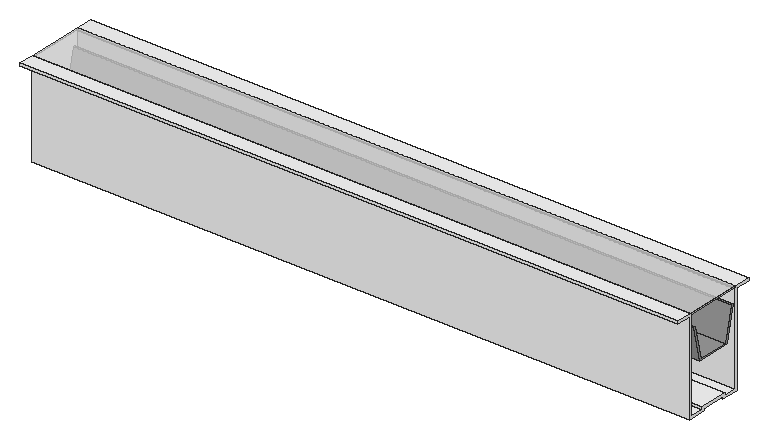
Revit family "2093160 Sylvania Lighting Fixture MC2 TRIM 0-6M 4K DALI WHT OPAL", category Lighting Fixtures, host Face, Revit 2016
Family settings
  Host = Face
  Part Type = Normal
  Round Connector Dimension = Use Diameter
  OmniClass Number = 23.80.70.11.17
  OmniClass Title = Specialized Lighting by Location or Use
  Cut with Voids When Loaded = No
  Light Source = Yes
  Shared = No
  Room Calculation Point = No
Parameters (values of type "2093160 MC2 TRIM 0.6M 4K DALI WHT OPAL")
  Width_SYL = 54.0 mm
  Weight = "1.5 kg"
  Wattage = 10 W
  WarrantyStartDate [instance] = "n/a"
  WarrantyGuarantorParts = "n/a"
  WarrantyDurationUnit = "n/a"
  WarrantyDurationParts = "n/a"
  WarrantyDescription = "n/a"
  built-in parameter 1150110 = 1 (stored number, unit not read)
  Voltage = 0 V
  URL = "http://www.sylvania-lighting.com"
  TypeName = "MC2 TRIM 0.6M 4K DALI WHT OPAL"
  built-in parameter 1114217 = 1 (stored number, unit not read)
  Tilt Angle = -90.00°
  built-in parameter 1150109 = 1 (stored number, unit not read)
  built-in parameter 1150134 = 12
  built-in parameter 1150113 = 1 (stored number, unit not read)
  SerialNumber [instance] = "n/a"
  PowerFactor = 0.95
  PowerConsumption = "10 W"
  NominalWidth = 0.0 mm
  NominalLength = 600.0 mm
  NominalHeight = 86.0 mm
  Name = "MC2 TRIM 0.6M 4K DALI WHT OPAL"
  ModelReference = "MC2 TRIM 0.6M 4K DALI WHT OPAL"
  ModelNumber = "2093160"
  Material_3_SYL = Metal_Sylvania_Mini Contiuum II_Silver
  Photometric Web File = "2093160.ies"
  Material = "aluminium housing, polycarbonate diffuser"
  ManufacturerName = "Feilo Sylvania"
  LuminousEfficacy = "117 lm/W"
  LuminaireType = ""
  LightOutputRatio = "100"
  Length_SYL = 600.0 mm
  LampsType = Lamp  # "LED"
  LampNominalLuminous = "1169 lm"
  LampMacAdamStep = "3"
  LampColourTemperature = "4000 K"
  LampColourRenderingIndex = "80"
  Keynote = "16500"
  InstallationDate [instance] = "n/a"
  InputVoltage = "n/a"
  InputNominalFrequency = "n/a"
  IngressProtection = "IP20"
  ImpactProtectionIndex = "n/a"
  IfcExportType = "IfcLightFixtureType"
  IfcExportAs = "IfcLightFixtureType"
  Height_SYL = 86.0 mm
  ExpectedLife = 50000
  EndCapRight_SYL [instance] = no
  EndCapLeft_SYL [instance] = no
  Emit from Rectangle Width = Width_SYL - 2.0 mm  # 52.0 mm
  Emit from Rectangle Length = Length_SYL  # 600.0 mm
  Emit Shape Visible in Rendering = no
  ElectricShockClassification = "Class I"
  DurationUnit = "hours"
  DocumentationLiterature = "http://www.sylvania-lighting.com/product/en-int/products/2093160"
  DimmingControlOptions = "n/a"
  CreatedOn = "10/15/2018"
  CreatedBy = "@sylvania-lighting.com"
  built-in parameter 1114216 [instance] = 1 (stored number, unit not read)
  Model = "MC2 TRIM 0.6M 4K DALI WHT OPAL"
  Manufacturer = "Feilo Sylvania"  # constant formula
  built-in parameter 1150105 = 93.106 (stored number, unit not read)
  Lumens = 1170 lm
  built-in parameter 1150115 = 1 (stored number, unit not read)
  built-in parameter 1150137 = (empty or 0)
  built-in parameter 1150139 = (empty or 0)
  built-in parameter 1150112 = 1 (stored number, unit not read)
  built-in parameter 1150114 = 1 (stored number, unit not read)
  Lamp = "LED"
  built-in parameter 1150132 = 2
  built-in parameter 1150102 = (empty or 0)
  built-in parameter 1150107 = 4000 (stored number, unit not read)
  built-in parameter 1150138 = (empty or 0)
  built-in parameter 1150106 = 0.93106 (stored number, unit not read)
  Material_1_SYL = Metal_Sylvania_Mini Continuum II_White
  built-in parameter 1150104 = 10.87 (stored number, unit not read)
  Dimming Lamp Color Temperature Shift = <None>
  Material_2_SYL = Polycarbonate_Sylvania_Mini Continuum II_Opal_4000K
  Description = "Mini Continuum II introduces a uniquely clean, simple LED lighting system offering continuous, highly uniform lines of light across walls and ceilings. This highly versatile lighting tool can be recessed, semi-recessed, surface-mounted or suspended, either vertically or horizontally. Available as direct/indirect or direct only distribution - both of which can be interconnected. Every batten has a plug and socket arrangement for easy and rapid electrical installation. Mini Continuum II Direct is available in two versions: one with an outside trim detail for plasterboard ceilings; and a trimless version for when a seamless effect is required. Dimmable DALI versions and 3hr non-maintained integral emergency options are available as standard options"  # constant formula
  Default Elevation = 0.0 mm
  Color Filter = 16777215
  built-in parameter 1140040 [instance] = 1
  BarCode [instance] = "n/a"
  built-in parameter 1114218 = 1 (stored number, unit not read)
  built-in parameter 1150133 = 10 (stored number, unit not read)
  AssetType = "Fixed"
  AssetIdentifier [instance] = "n/a"
  Assembly Code = "D5020200"
  Apparent Load = 10 VA
Reference planes
  plane 1 "Center (Front/Back)": y = 0
  plane 2 "Bottom Fixtures": z = 0
  plane 3 "Center (Left/Right)": x = 0
  plane 4 "Fixture Left": x = -300
  plane 5 "Fixture Right": x = 300
  plane 6 "Fixture Bottom": z = 2
  plane 7: z = 0
  plane 8: z = -2
  plane 9: z = -11.049
  plane 10: z = -41.049
  plane 11 "Fixture Top": z = -84
  plane 12: y = 27
  plane 13: y = -27
  plane 14: y = -26
  plane 15: y = -25
  plane 16: y = 26
  plane 17: y = 25
  plane 18: y = 11
  plane 19: y = -11
  plane 20: y = 24
  plane 21: y = 22
  plane 22: y = -22
  plane 23: y = 15
  plane 24: y = -15
  plane 25: y = 40
  plane 26: y = -40
  plane 27: x = -302
  plane 28: x = 302
Forms (mm)
  Extrusion 1, solid, material "Metal_Sylvania_Mini Continuum II_White" <- "Material_1_SYL", detail levels fine
    sketch origin (0, 0, -84) x (0, 1, 0) y (0, 0, 1)
      loop
        line (27, 84) -> (40, 84) -> (40, 86) -> (26, 86) -> (26, 84) -> (25, 84) -> (25, 2) -> (13, 2) -> (13, 4) -> (-13, 4) -> (-13, 2) -> (-25, 2) -> (-25, 84) -> (-26, 84) -> (-26, 86) -> (-40, 86) -> (-40, 84) -> (-27, 84) -> (-27, 0) -> (-11, 0) -> (-11, 2) -> (11, 2) -> (11, 0) -> (27, 0) -> (27, 84)
    from -300 to 300
  Extrusion 2, solid, material "Polycarbonate_Sylvania_Mini Continuum II_Opal_4000K" <- "Material_2_SYL", detail levels fine
    sketch origin (0, 0, -84) x (0, 1, 0) y (0, 0, 1)
      loop
        line (-26, 86) -> (-26, 84) -> (26, 84) -> (26, 86) -> (-26, 86)
    from -300 to 300
  Extrusion 3, solid, material "Metal_Sylvania_Mini Contiuum II_Silver" <- "Material_3_SYL", detail levels fine
    sketch origin (0, 0, -84) x (0, 1, 0) y (0, 0, 1)
      loop
        line (22, 72.951) -> (20.973, 72.951) -> (14.206, 43.951) -> (-14.206, 43.951) -> (-20.973, 72.951) -> (-22, 72.951) -> (-15, 42.951) -> (15, 42.951) -> (22, 72.951)
    from -300 to 300
  Extrusion 4, solid, material "Metal_Sylvania_Mini Continuum II_White" <- "Material_1_SYL", detail levels coarse+medium
    sketch origin (0, 0, -84) x (0, 1, 0) y (0, 0, 1)
      loop
        line (-27, 86) -> (-27, 0) -> (27, 0) -> (27, 86) -> (-27, 86)
    from -300 to 300
  Extrusion 5, solid, material "Metal_Sylvania_Mini Continuum II_White" <- "Material_1_SYL", detail levels coarse+medium
    sketch origin (0, 0, -84) x (0, 1, 0) y (0, 0, 1)
      loop
        line (40, 86) -> (27, 86) -> (27, 84) -> (40, 84) -> (40, 86)
      loop
        line (-27, 86) -> (-40, 86) -> (-40, 84) -> (-27, 84) -> (-27, 86)
    from -300 to 300
  Extrusion 6, void
    sketch origin (0, 0, 0) x (0, 1, 0) y (0, 0, 1)
      loop
        line (27, 0) -> (-27, 0) -> (-27, -84) -> (27, -84) -> (27, 0)
    from -300 to 300
  Extrusion 7, solid, material "Metal_Sylvania_Mini Continuum II_White" <- "Material_1_SYL", visible <- "EndCapLeft_SYL"
    sketch origin (-300, 171.684, 1219.2) x (0, 1, 0) y (0, 0, 1)
      loop
        line (-198.684, -1219.2) -> (-198.684, -1303.2) -> (-144.684, -1303.2) -> (-144.684, -1219.2) -> (-131.684, -1219.2) -> (-131.684, -1217.2) -> (-211.684, -1217.2) -> (-211.684, -1219.2) -> (-198.684, -1219.2)
    from 0 to -2
  Extrusion 8, solid, material "Metal_Sylvania_Mini Continuum II_White" <- "Material_1_SYL", visible <- "EndCapRight_SYL"
    sketch origin (300, 171.684, 1219.2) x (0, 1, 0) y (0, 0, -1)
      loop
        line (-131.684, 1217.2) -> (-131.684, 1219.2) -> (-144.684, 1219.2) -> (-144.684, 1303.2) -> (-198.684, 1303.2) -> (-198.684, 1219.2) -> (-211.684, 1219.2) -> (-211.684, 1217.2) -> (-131.684, 1217.2)
    from 0 to -2
Lines and regions (mm)
  Masking region 1
    outline origin (0, 0, -86) x (-1, 0, 0) y (0, -1, 0)
      loop
        line (300, -40) -> (300, 40) -> (-300, 40) -> (-300, -40) -> (300, -40)
  symbolic lines, detail levels fine
    curve 1: line (-300, 27, -86) -> (300, 27, -86)
    curve 2: line (-300, -27, -86) -> (300, -27, -86)
Dimensions and locks
  host sketch curve to plane 3 "Center (Left/Right)" to host sketch curve = 1260.0 mm, 1259.41 mm
  equal spacing: plane 4 "Fixture Left", plane 3 "Center (Left/Right)", plane 5 "Fixture Right"
  "Length_SYL": plane 4 "Fixture Left" to plane 5 "Fixture Right"
  plane 6 "Fixture Bottom" to plane 7 to plane 8 to plane 9 to plane 10 = 2.0 mm locked, 2.0 mm locked, 9.049 mm locked, 30.0 mm locked
  locked: Extrusion 1 sketch curve to Extrusion 1 sketch curve at 2
  "Height_SYL": plane 6 "Fixture Bottom" to plane 11 "Fixture Top"
  equal spacing: plane 12, plane 1 "Center (Front/Back)", plane 13
  plane 19 to plane 24 to plane 22 to plane 15 to plane 14 to plane 13 to plane 26 = 4.0 mm locked, 7.0 mm locked, 3.0 mm locked, 1.0 mm locked, 1.0 mm locked, 13.0 mm locked
  plane 25 to plane 12 to plane 16 to plane 17 to plane 20 to plane 21 to plane 23 to plane 18 = 13.0 mm locked, 1.0 mm locked, 1.0 mm locked, 1.0 mm locked, 2.0 mm locked, 7.0 mm locked, 4.0 mm locked
  "Width_SYL": plane 12 to plane 13
  equal spacing: plane 27, plane 3 "Center (Left/Right)", plane 28
  locked: plane 27 to plane 4 "Fixture Left" at 2
  aligned and locked: plane 2 "Bottom Fixtures" to host face
  aligned and locked: level to host face
  aligned and locked: Extrusion 1 sketch curve to plane 7  (x2)
  aligned and locked: plane 6 "Fixture Bottom" to Extrusion 1 sketch curve  (x2)
  aligned and locked: plane 7 to Extrusion 1 sketch curve
  aligned and locked: Extrusion 1 to Extrusion 2 sketch curve
  aligned and locked: Extrusion 2 sketch curve to Extrusion 1  (x3)
  aligned and locked: Extrusion 3 sketch curve to plane 10
  aligned and locked: plane 9 to Extrusion 3 sketch curve
  aligned and locked: Extrusion 3 sketch curve to plane 9
  aligned and locked: Extrusion 4 sketch curve to plane 6 "Fixture Bottom"
  aligned and locked: Extrusion 5 sketch curve to Extrusion 1  (x6)
  aligned and locked: Extrusion 4 to Extrusion 5 sketch curve
  aligned and locked: Extrusion 5 sketch curve to Extrusion 4
  aligned and locked: Extrusion 1 to Extrusion 6 sketch curve
  aligned and locked: Extrusion 6 sketch curve to Extrusion 1
  aligned and locked: Extrusion 6 sketch curve to plane 11 "Fixture Top"
  aligned and locked: Extrusion 6 sketch curve to plane 13
  aligned and locked: Extrusion 6 to plane 5 "Fixture Right"
  aligned and locked: plane 6 "Fixture Bottom" to imposter light
  aligned and locked: Masking region 1 sketch curve to Extrusion 1  (x4)
  aligned and locked: plane 5 "Fixture Right" to curve 1
  aligned and locked: plane 4 "Fixture Left" to curve 1
  aligned and locked: plane 12 to curve 1
  aligned and locked: plane 4 "Fixture Left" to curve 2
  aligned and locked: plane 5 "Fixture Right" to curve 2
  aligned and locked: curve 2 to plane 13
  aligned and locked: Extrusion 4 to plane 5 "Fixture Right"
  aligned and locked: Extrusion 1 to plane 5 "Fixture Right"
  aligned and locked: Extrusion 3 to plane 5 "Fixture Right"
  aligned and locked: Extrusion 4 to plane 4 "Fixture Left"
  aligned and locked: Extrusion 1 to plane 4 "Fixture Left"
  aligned and locked: Extrusion 3 to plane 4 "Fixture Left"
  aligned and locked: Extrusion 2 to plane 5 "Fixture Right"
  aligned and locked: Extrusion 5 to plane 5 "Fixture Right"
  aligned and locked: Extrusion 5 to plane 4 "Fixture Left"
  aligned and locked: Extrusion 2 to plane 4 "Fixture Left"
  aligned and locked: Extrusion 6 to plane 4 "Fixture Left"
  aligned and locked: Extrusion 4 to Extrusion 7 sketch curve
  aligned and locked: Extrusion 7 sketch curve to Extrusion 4  (x2)
  aligned and locked: Extrusion 7 sketch curve to Extrusion 5  (x4)
  aligned and locked: plane 6 "Fixture Bottom" to Extrusion 7 sketch curve
  aligned and locked: Extrusion 7 to plane 27
  aligned and locked: plane 4 "Fixture Left" to Extrusion 7
  aligned and locked: Extrusion 8 sketch curve to Extrusion 7  (x8)
  aligned and locked: plane 28 to Extrusion 8
  aligned and locked: plane 5 "Fixture Right" to Extrusion 8
Automatic sketch dimensions
  host sketch curve to host sketch curve = 1047.463 mm
  Extrusion 1 sketch curve to plane 26 = 0.0 mm
  Extrusion 1 sketch curve to plane 13 = 0.0 mm
  Extrusion 1 sketch curve to plane 14 = 0.0 mm
  Extrusion 1 sketch curve to plane 15 = 0.0 mm
  Extrusion 1 sketch curve to plane 19 = 0.0 mm
  Extrusion 1 sketch curve to plane 18 = 0.0 mm
  Extrusion 1 sketch curve to plane 17 = 0.0 mm
  Extrusion 1 sketch curve to plane 16 = 0.0 mm
  Extrusion 1 sketch curve to level = 0.0 mm
  Extrusion 1 sketch curve to plane 12 = 0.0 mm
  Extrusion 1 sketch curve to plane 25 = 0.0 mm
  Extrusion 1 sketch curve to plane 11 "Fixture Top" = 0.0 mm  (x2)
  Extrusion 1 sketch curve to plane 19 = 2.0 mm
  Extrusion 1 sketch curve to plane 18 = 2.0 mm
  plane 11 "Fixture Top" to Extrusion 1 sketch curve = 2.0 mm  (x3)
  Extrusion 3 sketch curve to plane 22 = 0.0 mm
  Extrusion 3 sketch curve to plane 24 = 0.0 mm
  Extrusion 3 sketch curve to plane 23 = 0.0 mm
  Extrusion 3 sketch curve to plane 21 = 0.0 mm
  plane 10 to Extrusion 3 sketch curve = 1.0 mm
  Extrusion 3 sketch curve to Extrusion 3 sketch curve = 1.027 mm  (x2)
  plane 24 to Extrusion 3 sketch curve = 0.794 mm
  plane 23 to Extrusion 3 sketch curve = 0.794 mm
  Extrusion 4 sketch curve to plane 11 "Fixture Top" = 0.0 mm
  Extrusion 4 sketch curve to plane 13 = 0.0 mm
  Extrusion 4 sketch curve to plane 12 = 0.0 mm
Connectors
  electrical at (-300, 0, 0), driven by "Apparent Load"
    settings: index 1, voltage 230 V, apparent load 0 VA, apparent load phase1 10 VA, apparent load phase2 0 VA, apparent load phase3 0 VA, power factor 1, load classification "Lighting", number of poles 1, system type 31, power factor state 1, is connector primary yes, connector utility no, sub classification motor no, connector description ""
